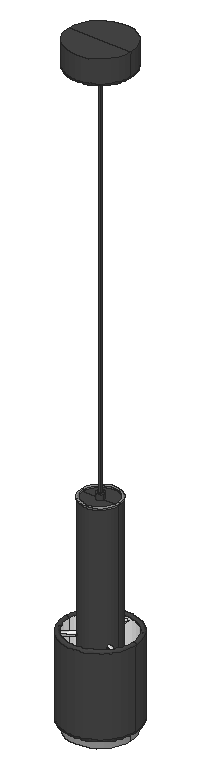
Revit family "Artek_Lighting_Pendant Light A110 “Hand Grenade”_A110 “Hand Grenade“_quick_ship", category Lighting Fixtures, Revit 2018 (continued)
Definition of nested family "A110"
  Lines and regions (mm)
    symbolic lines, detail levels fine
      curve 197: spline (0, -48.03, 1.523) -> (0, -47.685, 1.777) -> (0, -47.363, 2.523) -> (0, -47.087, 3.71) -> (0, -46.875, 5.256) -> (0, -46.742, 7.057) -> (0, -46.696, 8.99) -> (0, -46.742, 10.922) -> (0, -46.875, 12.723) -> (0, -47.087, 14.269) -> (0, -47.363, 15.456) -> (0, -47.685, 16.202) -> (0, -48.03, 16.456) -> (0, -48.375, 16.202) -> (0, -48.697, 15.456) -> (0, -48.973, 14.269) -> (0, -49.185, 12.723) -> (0, -49.318, 10.922) -> (0, -49.364, 8.99) -> (0, -49.318, 7.057) -> (0, -49.185, 5.256) -> (0, -48.973, 3.71) -> (0, -48.697, 2.523) -> (0, -48.375, 1.777) -> (0, -48.03, 1.523)
      curve 198: spline (0, -43.863, 1.523) -> (0, -43.517, 1.777) -> (0, -43.196, 2.523) -> (0, -42.919, 3.71) -> (0, -42.708, 5.256) -> (0, -42.574, 7.057) -> (0, -42.529, 8.99) -> (0, -42.574, 10.922) -> (0, -42.708, 12.723) -> (0, -42.919, 14.269) -> (0, -43.196, 15.456) -> (0, -43.517, 16.202) -> (0, -43.863, 16.456) -> (0, -44.208, 16.202) -> (0, -44.529, 15.456) -> (0, -44.806, 14.269) -> (0, -45.018, 12.723) -> (0, -45.151, 10.922) -> (0, -45.196, 8.99) -> (0, -45.151, 7.057) -> (0, -45.018, 5.256) -> (0, -44.806, 3.71) -> (0, -44.529, 2.523) -> (0, -44.208, 1.777) -> (0, -43.863, 1.523)
      curve 199: spline (0, -39.695, 1.523) -> (0, -39.35, 1.777) -> (0, -39.028, 2.523) -> (0, -38.752, 3.71) -> (0, -38.54, 5.256) -> (0, -38.407, 7.057) -> (0, -38.361, 8.99) -> (0, -38.407, 10.922) -> (0, -38.54, 12.723) -> (0, -38.752, 14.269) -> (0, -39.028, 15.456) -> (0, -39.35, 16.202) -> (0, -39.695, 16.456) -> (0, -40.04, 16.202) -> (0, -40.362, 15.456) -> (0, -40.638, 14.269) -> (0, -40.85, 12.723) -> (0, -40.983, 10.922) -> (0, -41.029, 8.99) -> (0, -40.983, 7.057) -> (0, -40.85, 5.256) -> (0, -40.638, 3.71) -> (0, -40.362, 2.523) -> (0, -40.04, 1.777) -> (0, -39.695, 1.523)
      curve 200: spline (0, -35.528, 1.523) -> (0, -35.183, 1.777) -> (0, -34.861, 2.523) -> (0, -34.585, 3.71) -> (0, -34.373, 5.256) -> (0, -34.24, 7.057) -> (0, -34.194, 8.99) -> (0, -34.24, 10.922) -> (0, -34.373, 12.723) -> (0, -34.585, 14.269) -> (0, -34.861, 15.456) -> (0, -35.183, 16.202) -> (0, -35.528, 16.456) -> (0, -35.873, 16.202) -> (0, -36.195, 15.456) -> (0, -36.471, 14.269) -> (0, -36.683, 12.723) -> (0, -36.816, 10.922) -> (0, -36.861, 8.99) -> (0, -36.816, 7.057) -> (0, -36.683, 5.256) -> (0, -36.471, 3.71) -> (0, -36.195, 2.523) -> (0, -35.873, 1.777) -> (0, -35.528, 1.523)
      curve 201: spline (0, -31.36, 1.523) -> (0, -31.015, 1.777) -> (0, -30.694, 2.523) -> (0, -30.417, 3.71) -> (0, -30.205, 5.256) -> (0, -30.072, 7.057) -> (0, -30.027, 8.99) -> (0, -30.072, 10.922) -> (0, -30.205, 12.723) -> (0, -30.417, 14.269) -> (0, -30.694, 15.456) -> (0, -31.015, 16.202) -> (0, -31.36, 16.456) -> (0, -31.706, 16.202) -> (0, -32.027, 15.456) -> (0, -32.303, 14.269) -> (0, -32.515, 12.723) -> (0, -32.649, 10.922) -> (0, -32.694, 8.99) -> (0, -32.649, 7.057) -> (0, -32.515, 5.256) -> (0, -32.303, 3.71) -> (0, -32.027, 2.523) -> (0, -31.706, 1.777) -> (0, -31.36, 1.523)
      curve 202: spline (0, -27.193, 1.523) -> (0, -26.848, 1.777) -> (0, -26.526, 2.523) -> (0, -26.25, 3.71) -> (0, -26.038, 5.256) -> (0, -25.905, 7.057) -> (0, -25.859, 8.99) -> (0, -25.905, 10.922) -> (0, -26.038, 12.723) -> (0, -26.25, 14.269) -> (0, -26.526, 15.456) -> (0, -26.848, 16.202) -> (0, -27.193, 16.456) -> (0, -27.538, 16.202) -> (0, -27.86, 15.456) -> (0, -28.136, 14.269) -> (0, -28.348, 12.723) -> (0, -28.481, 10.922) -> (0, -28.527, 8.99) -> (0, -28.481, 7.057) -> (0, -28.348, 5.256) -> (0, -28.136, 3.71) -> (0, -27.86, 2.523) -> (0, -27.538, 1.777) -> (0, -27.193, 1.523)
      curve 203: spline (0, -23.026, 1.523) -> (0, -22.68, 1.777) -> (0, -22.359, 2.523) -> (0, -22.083, 3.71) -> (0, -21.871, 5.256) -> (0, -21.737, 7.057) -> (0, -21.692, 8.99) -> (0, -21.737, 10.922) -> (0, -21.871, 12.723) -> (0, -22.083, 14.269) -> (0, -22.359, 15.456) -> (0, -22.68, 16.202) -> (0, -23.026, 16.456) -> (0, -23.371, 16.202) -> (0, -23.692, 15.456) -> (0, -23.969, 14.269) -> (0, -24.181, 12.723) -> (0, -24.314, 10.922) -> (0, -24.359, 8.99) -> (0, -24.314, 7.057) -> (0, -24.181, 5.256) -> (0, -23.969, 3.71) -> (0, -23.692, 2.523) -> (0, -23.371, 1.777) -> (0, -23.026, 1.523)
      curve 204: spline (0, -18.858, 1.523) -> (0, -18.513, 1.777) -> (0, -18.191, 2.523) -> (0, -17.915, 3.71) -> (0, -17.703, 5.256) -> (0, -17.57, 7.057) -> (0, -17.525, 8.99) -> (0, -17.57, 10.922) -> (0, -17.703, 12.723) -> (0, -17.915, 14.269) -> (0, -18.191, 15.456) -> (0, -18.513, 16.202) -> (0, -18.858, 16.456) -> (0, -19.203, 16.202) -> (0, -19.525, 15.456) -> (0, -19.801, 14.269) -> (0, -20.013, 12.723) -> (0, -20.147, 10.922) -> (0, -20.192, 8.99) -> (0, -20.147, 7.057) -> (0, -20.013, 5.256) -> (0, -19.801, 3.71) -> (0, -19.525, 2.523) -> (0, -19.203, 1.777) -> (0, -18.858, 1.523)
      curve 205: spline (0, -14.691, 1.523) -> (0, -14.346, 1.777) -> (0, -14.024, 2.523) -> (0, -13.748, 3.71) -> (0, -13.536, 5.256) -> (0, -13.403, 7.057) -> (0, -13.357, 8.99) -> (0, -13.403, 10.922) -> (0, -13.536, 12.723) -> (0, -13.748, 14.269) -> (0, -14.024, 15.456) -> (0, -14.346, 16.202) -> (0, -14.691, 16.456) -> (0, -15.036, 16.202) -> (0, -15.358, 15.456) -> (0, -15.634, 14.269) -> (0, -15.846, 12.723) -> (0, -15.979, 10.922) -> (0, -16.025, 8.99) -> (0, -15.979, 7.057) -> (0, -15.846, 5.256) -> (0, -15.634, 3.71) -> (0, -15.358, 2.523) -> (0, -15.036, 1.777) -> (0, -14.691, 1.523)
      curve 206: spline (0, -10.524, 1.523) -> (0, -10.178, 1.777) -> (0, -9.857, 2.523) -> (0, -9.58, 3.71) -> (0, -9.368, 5.256) -> (0, -9.235, 7.057) -> (0, -9.19, 8.99) -> (0, -9.235, 10.922) -> (0, -9.368, 12.723) -> (0, -9.58, 14.269) -> (0, -9.857, 15.456) -> (0, -10.178, 16.202) -> (0, -10.524, 16.456) -> (0, -10.869, 16.202) -> (0, -11.19, 15.456) -> (0, -11.467, 14.269) -> (0, -11.679, 12.723) -> (0, -11.812, 10.922) -> (0, -11.857, 8.99) -> (0, -11.812, 7.057) -> (0, -11.679, 5.256) -> (0, -11.467, 3.71) -> (0, -11.19, 2.523) -> (0, -10.869, 1.777) -> (0, -10.524, 1.523)
      curve 207: spline (0, -6.356, 1.523) -> (0, -6.011, 1.777) -> (0, -5.689, 2.523) -> (0, -5.413, 3.71) -> (0, -5.201, 5.256) -> (0, -5.068, 7.057) -> (0, -5.022, 8.99) -> (0, -5.068, 10.922) -> (0, -5.201, 12.723) -> (0, -5.413, 14.269) -> (0, -5.689, 15.456) -> (0, -6.011, 16.202) -> (0, -6.356, 16.456) -> (0, -6.701, 16.202) -> (0, -7.023, 15.456) -> (0, -7.299, 14.269) -> (0, -7.511, 12.723) -> (0, -7.644, 10.922) -> (0, -7.69, 8.99) -> (0, -7.644, 7.057) -> (0, -7.511, 5.256) -> (0, -7.299, 3.71) -> (0, -7.023, 2.523) -> (0, -6.701, 1.777) -> (0, -6.356, 1.523)
      curve 208: spline (0, -2.189, 1.523) -> (0, -1.844, 1.777) -> (0, -1.522, 2.523) -> (0, -1.246, 3.71) -> (0, -1.034, 5.256) -> (0, -0.901, 7.057) -> (0, -0.855, 8.99) -> (0, -0.901, 10.922) -> (0, -1.034, 12.723) -> (0, -1.246, 14.269) -> (0, -1.522, 15.456) -> (0, -1.844, 16.202) -> (0, -2.189, 16.456) -> (0, -2.534, 16.202) -> (0, -2.856, 15.456) -> (0, -3.132, 14.269) -> (0, -3.344, 12.723) -> (0, -3.477, 10.922) -> (0, -3.522, 8.99) -> (0, -3.477, 7.057) -> (0, -3.344, 5.256) -> (0, -3.132, 3.71) -> (0, -2.856, 2.523) -> (0, -2.534, 1.777) -> (0, -2.189, 1.523)
  Dimensions and locks
    "CableLenght": plane 5 to plane 4
    aligned and locked: level to plane 2
    aligned and locked: plane 4 to Extrusion 16
    aligned and locked: plane 5 to Extrusion 16
    aligned and locked: Extrusion 14 to Revolve 1
  Automatic sketch dimensions
    curve 97 to curve 98 = 0 mm  (x2)
    curve 97 to curve 99 = 0 mm  (x2)
    curve 97 to curve 100 = 0 mm  (x2)
    curve 97 to curve 101 = 0 mm  (x2)
    curve 97 to curve 102 = 0 mm  (x2)
    curve 97 to curve 103 = 0 mm  (x2)
    curve 97 to curve 114 = 0 mm  (x2)
    curve 97 to curve 116 = 0 mm  (x2)
    curve 97 to curve 122 = 0 mm  (x2)
    curve 97 to curve 124 = 0 mm  (x2)
    curve 97 to curve 130 = 0 mm  (x2)
    curve 97 to curve 131 = 0 mm  (x2)
    curve 97 to curve 132 = 0 mm  (x2)
    curve 97 to curve 134 = 0 mm  (x2)
    curve 98 to curve 99 = 0 mm  (x2)
    curve 98 to curve 100 = 0 mm  (x2)
    curve 98 to curve 101 = 0 mm  (x2)
    curve 98 to curve 102 = 0 mm  (x2)
    curve 98 to curve 103 = 0 mm  (x2)
    curve 98 to curve 114 = 0 mm  (x2)
    curve 98 to curve 116 = 0 mm  (x2)
    curve 98 to curve 122 = 0 mm  (x2)
    curve 98 to curve 124 = 0 mm  (x2)
    curve 98 to curve 130 = 0 mm  (x2)
    curve 98 to curve 131 = 0 mm  (x2)
    curve 98 to curve 132 = 0 mm  (x2)
    curve 98 to curve 134 = 0 mm  (x2)
    curve 99 to curve 100 = 0 mm  (x2)
    curve 99 to curve 101 = 0 mm  (x2)
    curve 99 to curve 102 = 0 mm  (x2)
    curve 99 to curve 103 = 0 mm  (x2)
    curve 99 to curve 114 = 0 mm  (x2)
    curve 99 to curve 116 = 0 mm  (x2)
    curve 99 to curve 122 = 0 mm  (x2)
    curve 99 to curve 124 = 0 mm  (x2)
    curve 99 to curve 130 = 0 mm  (x2)
    curve 99 to curve 131 = 0 mm  (x2)
    curve 99 to curve 132 = 0 mm  (x2)
    curve 99 to curve 134 = 0 mm  (x2)
    curve 100 to curve 101 = 0 mm  (x2)
    curve 100 to curve 102 = 0 mm  (x2)
    curve 100 to curve 103 = 0 mm  (x2)
    curve 100 to curve 114 = 0 mm  (x2)
    curve 100 to curve 116 = 0 mm  (x2)
    curve 100 to curve 122 = 0 mm  (x2)
    curve 100 to curve 124 = 0 mm  (x2)
    curve 100 to curve 130 = 0 mm  (x2)
    curve 100 to curve 131 = 0 mm  (x2)
    curve 100 to curve 132 = 0 mm  (x2)
    curve 100 to curve 134 = 0 mm  (x2)
    curve 101 to curve 102 = 0 mm  (x2)
    curve 101 to curve 103 = 0 mm  (x2)
    curve 101 to curve 114 = 0 mm  (x2)
    curve 101 to curve 116 = 0 mm  (x2)
    curve 101 to curve 122 = 0 mm  (x2)
    curve 101 to curve 124 = 0 mm  (x2)
    curve 101 to curve 130 = 0 mm  (x2)
    curve 101 to curve 131 = 0 mm  (x2)
    curve 101 to curve 132 = 0 mm  (x2)
    curve 101 to curve 134 = 0 mm  (x2)
    curve 102 to curve 103 = 0 mm  (x2)
    curve 102 to curve 114 = 0 mm  (x2)
    curve 102 to curve 116 = 0 mm  (x2)
    curve 102 to curve 122 = 0 mm  (x2)
    curve 102 to curve 124 = 0 mm  (x2)
    curve 102 to curve 130 = 0 mm  (x2)
    curve 102 to curve 131 = 0 mm  (x2)
    curve 102 to curve 132 = 0 mm  (x2)
    curve 102 to curve 134 = 0 mm  (x2)
    curve 103 to curve 114 = 0 mm  (x2)
    curve 103 to curve 116 = 0 mm  (x2)
    curve 103 to curve 122 = 0 mm  (x2)
    curve 103 to curve 124 = 0 mm  (x2)
    curve 103 to curve 130 = 0 mm  (x2)
    curve 103 to curve 131 = 0 mm  (x2)
    curve 103 to curve 132 = 0 mm  (x2)
    curve 103 to curve 134 = 0 mm  (x2)
    curve 114 to curve 116 = 0 mm  (x2)
    curve 114 to curve 122 = 0 mm  (x2)
    curve 114 to curve 124 = 0 mm  (x2)
    curve 114 to curve 130 = 0 mm  (x2)
    curve 114 to curve 131 = 0 mm  (x2)
    curve 114 to curve 132 = 0 mm  (x2)
    curve 114 to curve 134 = 0 mm  (x2)
    curve 116 to curve 122 = 0 mm  (x2)
    curve 116 to curve 124 = 0 mm  (x2)
    curve 116 to curve 130 = 0 mm  (x2)
    curve 116 to curve 131 = 0 mm  (x2)
    curve 116 to curve 132 = 0 mm  (x2)
    curve 116 to curve 134 = 0 mm  (x2)
    curve 122 to curve 124 = 0 mm  (x2)
    curve 122 to curve 130 = 0 mm  (x2)
    curve 122 to curve 131 = 0 mm  (x2)
    curve 122 to curve 132 = 0 mm  (x2)
    curve 122 to curve 134 = 0 mm  (x2)
    curve 124 to curve 130 = 0 mm  (x2)
    curve 124 to curve 131 = 0 mm  (x2)
    curve 124 to curve 132 = 0 mm  (x2)
    curve 124 to curve 134 = 0 mm  (x2)
    curve 130 to curve 131 = 0 mm  (x2)
    curve 130 to curve 132 = 0 mm  (x2)
    curve 130 to curve 134 = 0 mm  (x2)
    curve 131 to curve 132 = 0 mm  (x2)
    curve 131 to curve 134 = 0 mm  (x2)
    curve 132 to curve 134 = 0 mm  (x2)
    plane 1 "Center (Front/Back)" to curve 132 = 0 mm
    curve 132 to plane 3 "Center (Left/Right)" = 0 mm
    curve 142 to plane 3 "Center (Left/Right)" = 1.492 mm
    curve 117 to plane 3 "Center (Left/Right)" = 52.721 mm
    curve 117 to curve 115 = 0.871 mm
    curve 112 to curve 114 = 3.507 mm
    curve 112 to curve 100 = 0.871 mm
    plane 1 "Center (Front/Back)" to curve 136 = 1.492 mm
    curve 136 to curve 100 = 5.772 mm
    plane 3 "Center (Left/Right)" to curve 142 = 1.492 mm
    plane 3 "Center (Left/Right)" to curve 105 = 3.556 mm
    plane 3 "Center (Left/Right)" to curve 120 = 52.733 mm
    curve 119 to curve 121 = 0.871 mm
    curve 119 to curve 125 = 3.497 mm
    curve 123 to curve 125 = 0.871 mm
    plane 1 "Center (Front/Back)" to curve 128 = 1.492 mm
    curve 123 to curve 128 = 5.77 mm
    curve 127 to curve 129 = 0.979 mm
    curve 127 to curve 128 = 0.979 mm
    curve 128 to curve 133 = 1.004 mm
    curve 129 to curve 126 = 1.004 mm
    curve 113 to curve 136 = 26.914 mm
    curve 118 to curve 123 = 0.503 mm
    curve 112 to curve 100 = 0.503 mm
    curve 119 to curve 122 = 6.062 mm
    curve 120 to curve 119 = 0.503 mm
    curve 140 to curve 140 = 0.979 mm
    curve 135 to plane 1 "Center (Front/Back)" = 1.492 mm
    curve 143 to plane 3 "Center (Left/Right)" = 1.492 mm
    curve 107 to plane 3 "Center (Left/Right)" = 3.556 mm
    curve 106 to curve 107 = 0 mm
    curve 104 to curve 106 = 0 mm
    curve 100 to curve 106 = 0 mm
    curve 99 to curve 104 = 0 mm
    curve 114 to curve 115 = 19.964 mm
    plane 1 "Center (Front/Back)" to curve 113 = 16.879 mm
    curve 113 to curve 115 = 3.507 mm
    curve 111 to curve 116 = 2.575 mm
    plane 1 "Center (Front/Back)" to curve 110 = 30.395 mm
    curve 110 to curve 110 = 2.575 mm
    curve 138 to curve 135 = 1.004 mm
    curve 139 to curve 137 = 1.004 mm
    curve 144 to curve 141 = 0 mm
    plane 1 "Center (Front/Back)" to curve 119 = 22.938 mm
    plane 1 "Center (Front/Back)" to curve 123 = 16.876 mm
    plane 1 "Center (Front/Back)" to curve 121 = 36.453 mm
    plane 1 "Center (Front/Back)" to curve 118 = 30.392 mm
    plane 1 "Center (Front/Back)" to Sweep 3 sketch curve = 0 mm
    Sweep 3 sketch curve to plane 3 "Center (Left/Right)" = 0 mm
    profile plane to Sweep 3 sketch curve = 4.015 mm
    Sweep 3 sketch curve to profile plane = 0 mm
    level to Sweep 3 sketch curve = 184 mm
    Extrusion 4 sketch curve to Extrusion 4 sketch curve = 0 mm  (x6)
    plane 1 "Center (Front/Back)" to Extrusion 4 sketch curve = 0 mm
    Extrusion 4 sketch curve to plane 3 "Center (Left/Right)" = 0 mm
    Extrusion 4 sketch curve to plane 3 "Center (Left/Right)" = 75 mm
    plane 1 "Center (Front/Back)" to Sweep 5 sketch curve = 0 mm
    Sweep 5 sketch curve to plane 3 "Center (Left/Right)" = 0 mm
    profile plane to Sweep 5 sketch curve = 4.015 mm
    Sweep 5 sketch curve to profile plane = 0 mm
    Sweep 5 sketch curve to profile plane = 184 mm
    Extrusion 6 sketch curve to Extrusion 6 sketch curve = 0 mm  (x2)
    plane 1 "Center (Front/Back)" to Extrusion 6 sketch curve = 0 mm
    Extrusion 6 sketch curve to plane 3 "Center (Left/Right)" = 0 mm
    Extrusion 7 sketch curve to plane 1 "Center (Front/Back)" = 0 mm
    level to Extrusion 7 sketch curve = 23.042 mm
    Extrusion 8 sketch curve to plane 3 "Center (Left/Right)" = 0 mm
    level to Extrusion 8 sketch curve = 23.042 mm
    Extrusion 9 sketch curve to plane 1 "Center (Front/Back)" = 0 mm
    level to Extrusion 9 sketch curve = 23.042 mm
    Extrusion 10 sketch curve to plane 3 "Center (Left/Right)" = 0 mm
    level to Extrusion 10 sketch curve = 23.042 mm
    Extrusion 11 sketch curve to plane 3 "Center (Left/Right)" = 0 mm
    level to Extrusion 11 sketch curve = 176 mm
    level to Extrusion 12 sketch curve = 176 mm
    level to Extrusion 13 sketch curve = 176 mm
    plane 1 "Center (Front/Back)" to Extrusion 14 sketch curve = 0 mm  (x2)
    Extrusion 14 sketch curve to plane 3 "Center (Left/Right)" = 0 mm  (x2)
    Extrusion 14 sketch curve to plane 3 "Center (Left/Right)" = 75 mm
    plane 3 "Center (Left/Right)" to Extrusion 14 sketch curve = 75 mm
    plane 1 "Center (Front/Back)" to Extrusion 14 sketch curve = 75 mm
    Extrusion 14 sketch curve to plane 1 "Center (Front/Back)" = 75 mm
    Extrusion 15 sketch curve to Extrusion 15 sketch curve = 0 mm  (x2)
    plane 1 "Center (Front/Back)" to Extrusion 15 sketch curve = 0 mm
    Extrusion 15 sketch curve to plane 3 "Center (Left/Right)" = 0 mm
    plane 1 "Center (Front/Back)" to Extrusion 16 sketch curve = 0 mm
    Extrusion 16 sketch curve to plane 3 "Center (Left/Right)" = 0 mm
    curve 89 to level = 0 mm
    curve 49 to plane 1 "Center (Front/Back)" = 0 mm
    curve 71 to plane 1 "Center (Front/Back)" = 0 mm
    curve 96 to plane 1 "Center (Front/Back)" = 0 mm
    curve 70 to plane 1 "Center (Front/Back)" = 0 mm
    curve 69 to plane 1 "Center (Front/Back)" = 0 mm
    curve 68 to plane 1 "Center (Front/Back)" = 0 mm
    curve 67 to plane 1 "Center (Front/Back)" = 0 mm
    curve 66 to plane 1 "Center (Front/Back)" = 0 mm
    plane 5 to curve 91 = 0.001 mm
    plane 1 "Center (Front/Back)" to curve 91 = 2.009 mm
    plane 4 to curve 79 = 1.4 mm
    curve 79 to curve 77 = 4.129 mm
    curve 93 to curve 79 = 1.391 mm
    plane 4 to curve 94 = 12.009 mm
    curve 94 to curve 80 = 30.471 mm
    curve 81 to curve 82 = 0.039 mm
    curve 76 to curve 76 = 60.238 mm
    level to curve 96 = 17.979 mm
    plane 1 "Center (Front/Back)" to curve 96 = 64.016 mm
    curve 73 to curve 75 = 2.753 mm
    curve 85 to curve 83 = 32.439 mm
    curve 88 to curve 88 = 6.914 mm
    curve 86 to curve 85 = 4.562 mm
    curve 52 to plane 1 "Center (Front/Back)" = 2.009 mm
    curve 53 to curve 54 = 4.129 mm
    curve 55 to curve 56 = 1.391 mm
    curve 56 to curve 70 = 30.471 mm
    curve 58 to curve 57 = 0.039 mm
    curve 52 to curve 52 = 60.238 mm
    curve 65 to plane 1 "Center (Front/Back)" = 64.016 mm
    curve 51 to curve 49 = 2.753 mm
    curve 59 to curve 61 = 32.439 mm
    curve 64 to curve 63 = 6.914 mm
    curve 61 to curve 62 = 4.562 mm
    curve 87 to curve 85 = 161.446 mm
    curve 58 to curve 58 = 1.99 mm
    curve 74 to curve 73 = 47.247 mm
    plane 1 "Center (Front/Back)" to curve 208 = 2.189 mm
    curve 207 to curve 208 = 4.167 mm
    curve 206 to curve 207 = 4.167 mm
    level to curve 205 = 1.523 mm
    curve 205 to curve 206 = 4.167 mm
    level to curve 204 = 1.523 mm
    curve 204 to curve 205 = 4.167 mm
    level to curve 203 = 1.523 mm
    curve 203 to curve 204 = 4.167 mm
    curve 202 to curve 203 = 4.167 mm
    curve 201 to curve 202 = 4.167 mm
    curve 200 to curve 201 = 4.167 mm
    level to curve 199 = 1.523 mm
    curve 199 to curve 200 = 4.167 mm
    level to curve 198 = 1.523 mm
    curve 198 to curve 199 = 4.167 mm
    curve 197 to curve 198 = 4.167 mm
    curve 196 to curve 197 = 4.167 mm
    level to curve 195 = 1.523 mm
    curve 195 to curve 196 = 4.167 mm
    curve 194 to curve 195 = 4.167 mm
    curve 193 to plane 1 "Center (Front/Back)" = 2.189 mm
    level to curve 192 = 1.523 mm
    curve 193 to curve 192 = 4.167 mm
    curve 192 to curve 191 = 4.167 mm
    level to curve 190 = 1.523 mm
    curve 191 to curve 190 = 4.167 mm
    curve 190 to curve 189 = 4.167 mm
    curve 189 to curve 188 = 4.167 mm
    curve 188 to curve 187 = 4.167 mm
    level to curve 186 = 1.523 mm
    curve 187 to curve 186 = 4.167 mm
    curve 186 to curve 185 = 4.167 mm
    curve 185 to curve 184 = 4.167 mm
    level to curve 183 = 1.523 mm
    curve 184 to curve 183 = 4.167 mm
    curve 183 to curve 182 = 4.167 mm
    level to curve 181 = 1.523 mm
    curve 182 to curve 181 = 4.167 mm
    curve 181 to curve 180 = 4.167 mm
    curve 180 to curve 179 = 4.167 mm
    level to curve 179 = 1.523 mm
    level to curve 180 = 1.523 mm
    level to curve 202 = 1.523 mm
    level to curve 182 = 1.523 mm
    level to curve 201 = 1.523 mm
    level to curve 200 = 1.523 mm
    level to curve 206 = 1.523 mm
    level to curve 185 = 1.523 mm
    level to curve 197 = 1.523 mm
    level to curve 187 = 1.523 mm
    level to curve 196 = 1.523 mm
    level to curve 188 = 1.523 mm
    level to curve 189 = 1.523 mm
    level to curve 191 = 1.523 mm
    level to curve 193 = 1.523 mm
    level to curve 194 = 1.523 mm
    level to curve 207 = 1.523 mm
    level to curve 184 = 1.523 mm
    level to curve 208 = 1.523 mm
    curve 200 to curve 200 = 7.467 mm
    curve 205 to curve 205 = 7.467 mm
    curve 180 to curve 180 = 7.467 mm
    curve 204 to curve 205 = 0 mm
    curve 181 to curve 180 = 0 mm
    curve 203 to curve 204 = 0 mm
    curve 194 to curve 194 = 7.467 mm
    curve 182 to curve 181 = 0 mm
    curve 193 to curve 193 = 7.467 mm
    curve 208 to curve 193 = 0 mm
    curve 193 to curve 192 = 0 mm
    curve 207 to curve 208 = 0 mm
    curve 192 to curve 191 = 0 mm
    curve 194 to curve 195 = 0 mm
    curve 191 to curve 190 = 0 mm
    curve 202 to curve 203 = 0 mm
    curve 183 to curve 182 = 0 mm
    curve 206 to curve 207 = 0 mm
    curve 190 to curve 189 = 0 mm
    curve 195 to curve 196 = 0 mm
    curve 189 to curve 188 = 0 mm
    curve 196 to curve 197 = 0 mm
    curve 188 to curve 187 = 0 mm
    curve 197 to curve 198 = 0 mm
    curve 187 to curve 186 = 0 mm
    curve 198 to curve 199 = 0 mm
    curve 186 to curve 185 = 0 mm
    curve 200 to curve 201 = 0 mm
    curve 184 to curve 183 = 0 mm
    curve 180 to curve 179 = 0 mm
    curve 20 to level = 0 mm
    curve 5 to plane 5 = 0 mm
    curve 9 to plane 4 = 0 mm
    curve 24 to plane 3 "Center (Left/Right)" = 0 mm
    curve 23 to plane 3 "Center (Left/Right)" = 0 mm
    curve 22 to plane 3 "Center (Left/Right)" = 0 mm
    curve 146 to plane 3 "Center (Left/Right)" = 0 mm
    curve 20 to plane 3 "Center (Left/Right)" = 0 mm
    curve 145 to plane 3 "Center (Left/Right)" = 0 mm
    curve 21 to plane 3 "Center (Left/Right)" = 0 mm
    curve 25 to plane 3 "Center (Left/Right)" = 0 mm
    curve 145 to plane 3 "Center (Left/Right)" = 1.997 mm
    plane 4 to curve 9 = 1.085 mm
    curve 9 to curve 7 = 4.426 mm
    curve 12 to curve 10 = 30.377 mm
    curve 14 to plane 3 "Center (Left/Right)" = 38 mm
    curve 5 to plane 5 = 3.003 mm
    curve 5 to curve 6 = 60 mm
    curve 19 to plane 3 "Center (Left/Right)" = 64.003 mm
    curve 14 to curve 13 = 32.642 mm
    curve 17 to curve 18 = 7.249 mm
    curve 16 to curve 15 = 4.376 mm
    plane 3 "Center (Left/Right)" to curve 43 = 1.997 mm
    curve 29 to curve 30 = 4.426 mm
    curve 31 to curve 33 = 1.085 mm
    plane 4 to curve 34 = 10.01 mm
    curve 32 to curve 34 = 30.377 mm
    plane 3 "Center (Left/Right)" to curve 36 = 38 mm
    curve 28 to curve 28 = 60 mm
    level to curve 40 = 17.97 mm
    plane 3 "Center (Left/Right)" to curve 40 = 64.003 mm
    curve 27 to curve 25 = 3.003 mm
    curve 35 to curve 36 = 32.642 mm
    curve 40 to curve 40 = 7.249 mm
    curve 37 to curve 38 = 4.376 mm
    curve 39 to curve 37 = 161.908 mm
    curve 22 to curve 12 = 1.999 mm
    curve 27 to curve 25 = 46.997 mm
    curve 178 to plane 3 "Center (Left/Right)" = 1.856 mm
    level to curve 177 = 1.448 mm
    curve 177 to curve 178 = 4 mm
    level to curve 176 = 1.448 mm
    curve 176 to curve 177 = 4.002 mm
    level to curve 175 = 1.448 mm
    curve 175 to curve 176 = 4 mm
    curve 174 to curve 175 = 4.002 mm
    level to curve 173 = 1.448 mm
    curve 173 to curve 174 = 4 mm
    curve 172 to curve 173 = 4.002 mm
    level to curve 171 = 1.448 mm
    curve 171 to curve 172 = 4 mm
    level to curve 170 = 1.448 mm
    curve 170 to curve 171 = 4.002 mm
    level to curve 169 = 1.448 mm
    curve 169 to curve 170 = 4 mm
    level to curve 168 = 1.448 mm
    curve 168 to curve 169 = 4.002 mm
    level to curve 167 = 1.448 mm
    curve 167 to curve 168 = 4 mm
    curve 166 to curve 167 = 4.002 mm
    curve 165 to curve 166 = 4 mm
    curve 164 to curve 165 = 4.002 mm
    curve 163 to curve 164 = 4 mm
    plane 3 "Center (Left/Right)" to curve 162 = 1.856 mm
    level to curve 161 = 1.448 mm
    curve 162 to curve 161 = 4 mm
    curve 161 to curve 160 = 4.002 mm
    level to curve 159 = 1.448 mm
    curve 160 to curve 159 = 4 mm
    level to curve 158 = 1.448 mm
    curve 159 to curve 158 = 4.002 mm
    curve 158 to curve 157 = 4 mm
    level to curve 156 = 1.448 mm
    curve 157 to curve 156 = 4.002 mm
    curve 156 to curve 155 = 4 mm
    curve 155 to curve 154 = 4.002 mm
    curve 154 to curve 153 = 4 mm
    level to curve 152 = 1.448 mm
    curve 153 to curve 152 = 4.002 mm
    curve 152 to curve 151 = 4 mm
    level to curve 150 = 1.448 mm
    curve 151 to curve 150 = 4.002 mm
    level to curve 149 = 1.448 mm
    curve 150 to curve 149 = 4 mm
    level to curve 148 = 1.448 mm
    curve 149 to curve 148 = 4.002 mm
    curve 148 to curve 147 = 4 mm
    level to curve 174 = 1.448 mm
    level to curve 147 = 1.448 mm
    level to curve 172 = 1.448 mm
    level to curve 151 = 1.448 mm
    level to curve 153 = 1.448 mm
    level to curve 154 = 1.448 mm
    level to curve 166 = 1.448 mm
    level to curve 155 = 1.448 mm
    level to curve 165 = 1.448 mm
    level to curve 164 = 1.448 mm
    level to curve 157 = 1.448 mm
    level to curve 163 = 1.448 mm
    level to curve 162 = 1.448 mm
    level to curve 160 = 1.448 mm
    level to curve 178 = 1.448 mm
    curve 176 to curve 176 = 7.537 mm
    curve 178 to curve 178 = 7.537 mm
    curve 177 to curve 178 = 0 mm
    curve 175 to curve 176 = 0 mm
    curve 147 to curve 147 = 7.537 mm
    curve 174 to curve 175 = 0 mm
    curve 160 to curve 160 = 7.537 mm
    curve 162 to curve 178 = 0 mm
    curve 159 to curve 160 = 0 mm
    curve 148 to curve 147 = 0 mm
    curve 173 to curve 174 = 0 mm
    curve 163 to curve 163 = 7.537 mm
    curve 158 to curve 159 = 0 mm
    curve 164 to curve 163 = 0 mm
    curve 157 to curve 158 = 0 mm
    curve 165 to curve 164 = 0 mm
    curve 156 to curve 157 = 0 mm
    curve 166 to curve 165 = 0 mm
    curve 155 to curve 156 = 0 mm
    curve 167 to curve 166 = 0 mm
    curve 154 to curve 155 = 0 mm
    curve 168 to curve 167 = 0 mm
    curve 153 to curve 154 = 0 mm
    curve 169 to curve 168 = 0 mm
    curve 152 to curve 153 = 0 mm
    curve 170 to curve 169 = 0 mm
    curve 151 to curve 152 = 0 mm
    curve 171 to curve 170 = 0 mm
    curve 150 to curve 151 = 0 mm
    curve 172 to curve 171 = 0 mm
    curve 149 to curve 150 = 0 mm
    curve 161 to curve 162 = 0 mm
    Revolve 1 sketch curve to plane 3 "Center (Left/Right)" = 0 mm  (x3)
    plane 4 to Revolve 1 sketch curve = 1.05 mm
    Revolve 1 sketch curve to plane 3 "Center (Left/Right)" = 6.459 mm
    Revolve 1 sketch curve to plane 3 "Center (Left/Right)" = 7.5 mm
    plane 4 to Revolve 1 sketch curve = 12.009 mm
    Revolve 1 sketch curve to Revolve 1 sketch curve = 30.5 mm
    Revolve 1 sketch curve to plane 5 = 2.999 mm
    Revolve 1 sketch curve to plane 3 "Center (Left/Right)" = 62 mm
    Revolve 1 sketch curve to Revolve 1 sketch curve = 3 mm
    level to Revolve 1 sketch curve = 158 mm
    Revolve 1 sketch curve to Revolve 1 sketch curve = 47 mm
    Revolve 1 sketch curve to Revolve 1 sketch curve = 20 mm
    Revolve 1 sketch curve to Revolve 1 sketch curve = 5 mm
    Sweep 2 sketch curve to profile plane = 0 mm
    profile plane to Sweep 2 sketch curve = 1.999 mm
    radius of curve 97 = 75 mm
    radius of curve 102 = 35.91 mm
    radius of curve 103 = 7.5 mm
    radius of Sweep 3 sketch curve = 70.985 mm
    radius of Extrusion 4 sketch curve = 70 mm
    radius of Sweep 5 sketch curve = 70.985 mm
    radius of Extrusion 6 sketch curve = 64 mm
    radius of Extrusion 6 sketch curve = 62.996 mm
    radius of Extrusion 7 sketch curve = 1.492 mm
    radius of Extrusion 8 sketch curve = 1.492 mm
    radius of Extrusion 9 sketch curve = 1.492 mm
    radius of Extrusion 10 sketch curve = 1.492 mm
    radius of Extrusion 11 sketch curve = 3.5 mm
    radius of Extrusion 12 sketch curve = 3.5 mm
    radius of Extrusion 13 sketch curve = 3.5 mm
    radius of Extrusion 15 sketch curve = 66.969 mm
    radius of Extrusion 15 sketch curve = 70 mm
    radius of Extrusion 16 sketch curve = 2 mm
    radius of Sweep 2 sketch curve = 2 mm
Types (5, lengths in mm): name | Name | ModelNumber | Model | LightFixtureTertiaryMaterial | LightFixtureSecondaryMaterial | LightFixtureMainMaterial | Color | ArticleNumber
  (no name) | "A110 \"Hand Grenade\"" | "29100101" | "A110 \"Hand Grenade\", 29100101" | Black plastic | Brass | Black Steel | "Black oak" | "29100101"
  A110 "Hand Grenade", 29100101 | "A110 \"Hand Grenade\"" | "29100101" | "A110 \"Hand Grenade\", 29100101" | Black plastic | Brass | Black Steel | "Black oak" | "29100101"
  A110 "Hand Grenade", 29100102 | "A110 \"Hand Grenade\"" | "29100102" | "A110 \"Hand Grenade\", 29100102" | White plastic | Brass | White Steel | "White" | "29100102"
  A110 "Hand Grenade", 29100103 | "A110 “Hand Grenade“" | "29100103" | "A110 \"Hand Grenade\", 29100103" | Black plastic | Black laquered | Black Steel | "Black" | "29100103"
  A110 "Hand Grenade", 29100104 | "A110 \"Hand Grenade\"" | "29100104" | "A110 \"Hand Grenade\", 29100104" | White plastic | White Steel | White Steel | "White" | "29100104"
